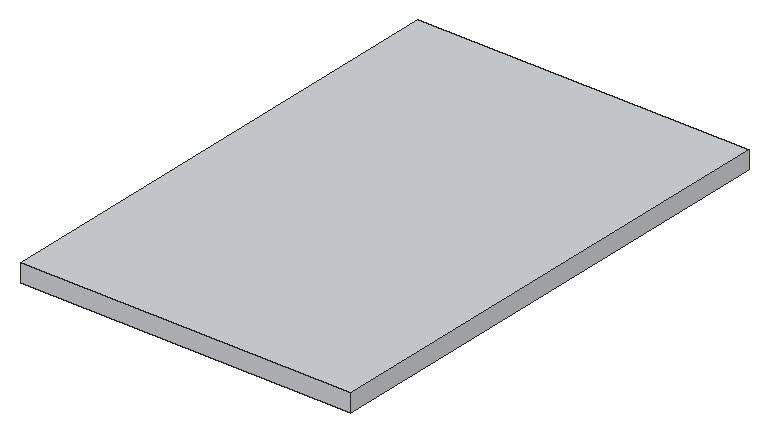
Revit family "RUFO2 460xWSxZ0350xx", category Leuchten, Revit 2020
Family settings
  Basisbauteil = Fläche
  Bemaßung runder Anschluss = Durchmesser verwenden
  Teiletyp = Normal
  OmniClass-Nummer = 23.80.70.11
  OmniClass-Titel = Luminaries for Internal Lighting
  Beim Laden mit Abzugskörper schneiden = Nein
  Lichtquelle = Ja
  Gemeinsam genutzt = Nein
  Raumberechnungspunkt = Nein
Parameters (values of type "RUFO2 460NDWS840Z0350-RS")
  width = 464 mm  # constant formula
  weight = "2.05 kg"
  voltage type (AC, DC, UC) = "AC"
  rated input power = 30  # constant formula
  product name = "RUFO2 460NDWS840Z0350-RS"
  nominal voltage = "230"
  nominal frequency = "50-60Hz"
  length = 464 mm  # constant formula
  ingress protection (IP) code = "IP40"
  height = 70 mm  # constant formula
  electrical safety class = "1"
  control gear = ""
  conformity mark = "CE"  # constant formula
  brand = "RIDI"
  approval mark = ""
  built-in parameter 1150104 = 13.8 (stored number, unit not read)
  Wattage = 25.2454 W
  Von Kreisdurchmesser aussenden = 464 mm
  Default Elevation = 0 mm
  built-in parameter 1150113 = 1 (stored number, unit not read)
  built-in parameter 1114218 = 1 (stored number, unit not read)
  URL = "www.ridi.de"
  built-in parameter 1150134 = 12
  built-in parameter 1150109 = 1 (stored number, unit not read)
  built-in parameter 1150110 = 1 (stored number, unit not read)
  Apparent Load = 30 VA  # constant formula
  Tilt Angle = 90.00°
  Modell = "0420869//396"
  built-in parameter 1114217 = 1 (stored number, unit not read)
  built-in parameter 1150139 = (empty or 0)
  built-in parameter 1150105 = 1060.3 (stored number, unit not read)
  built-in parameter 1150114 = 1 (stored number, unit not read)
  Lumens = 3750 lm
  built-in parameter 1150115 = 1 (stored number, unit not read)
  built-in parameter 1150112 = 1 (stored number, unit not read)
  Lampe = "LED"
  Hersteller = "RIDI Leuchten GmbH"  # constant formula
  Dimming Lamp Color Temperature Shift = (empty or 0)
  Color Filter = 16777215
  built-in parameter 1150133 = 10 (stored number, unit not read)
  Emit Shape Visible in Rendering = no
  built-in parameter 1150137 = (empty or 0)
  built-in parameter 1150132 = 2
  Datei für fotometrisches Netz = "RUFO2_460_Z.IES"
  Copyright = "© RIDI. All rights reserved."  # constant formula
  built-in parameter 1150106 = 10.603 (stored number, unit not read)
  Baugruppenkennzeichen = "D5020200"
  built-in parameter 1150107 = 4000 (stored number, unit not read)
  built-in parameter 1150102 = (empty or 0)
  built-in parameter 1150138 = (empty or 0)
Types (19, lengths in mm): name | weight | product name | Wattage | built-in parameter 1150134 | Modell | built-in parameter 1150105 | Lumens | built-in parameter 1150106 | built-in parameter 1150107
  (no name) | "2.05 kg" | "RUFO2 460NDWS840Z0350-RS" | 25.2454 W | 12 | "0420869//396" | 1060.3 (stored number, unit not read) | 3750 lm | 10.603 (stored number, unit not read) | 4000 (stored number, unit not read)
  RUFO2 460NDWS840Z0350 | "2 kg" | "RUFO2 460NDWS840Z0350" | 25.2454 W | 12 | "0420869" | 1060.3 (stored number, unit not read) | 3750 lm | 10.603 (stored number, unit not read) | 4000 (stored number, unit not read)
  RUFO2 460NDWS840Z0350-RS | "2.05 kg" | "RUFO2 460NDWS840Z0350-RS" | 25.2454 W | 12 | "0420869//396" | 1060.3 (stored number, unit not read) | 3750 lm | 10.603 (stored number, unit not read) | 4000 (stored number, unit not read)
  RUFO2 460NDWS840Z0350-2K | "2.15 kg" | "RUFO2 460NDWS840Z0350-2K" | 25.2454 W | 12 | "0420870" | 1060.3 (stored number, unit not read) | 3750 lm | 10.603 (stored number, unit not read) | 4000 (stored number, unit not read)
  RUFO2 460NDWS830Z0350 | "2 kg" | "RUFO2 460NDWS830Z0350" | 24.2356 W | (empty or 0) | "0420875" | 1017.9 (stored number, unit not read) | 3600 lm | 10.179 (stored number, unit not read) | 3000 (stored number, unit not read)
  RUFO2 460NDWS830Z0350-RS | "2.05 kg" | "RUFO2 460NDWS830Z0350-RS" | 24.2356 W | (empty or 0) | "0420875//396" | 1017.9 (stored number, unit not read) | 3600 lm | 10.179 (stored number, unit not read) | 3000 (stored number, unit not read)
  RUFO2 460NDWS830Z0350-2K | "2.15 kg" | "RUFO2 460NDWS830Z0350-2K" | 24.2356 W | (empty or 0) | "0420876" | 1017.9 (stored number, unit not read) | 3600 lm | 10.179 (stored number, unit not read) | 3000 (stored number, unit not read)
  RUFO2 460NDWS840Z0350-IK | "2 kg" | "RUFO2 460NDWS840Z0350-IK" | 25.2454 W | 12 | "0420881" | 1060.3 (stored number, unit not read) | 3750 lm | 10.603 (stored number, unit not read) | 4000 (stored number, unit not read)
  RUFO2 460NDWS840Z0350-IK-EDS3 | "2.5 kg" | "RUFO2 460NDWS840Z0350-IK-EDS3" | 25.2454 W | 12 | "0420881//377" | 1060.3 (stored number, unit not read) | 3750 lm | 10.603 (stored number, unit not read) | 4000 (stored number, unit not read)
  RUFO2 460NDWS840Z0350-IK-RS | "2.05 kg" | "RUFO2 460NDWS840Z0350-IK-RS" | 25.2454 W | 12 | "0420881//396" | 1060.3 (stored number, unit not read) | 3750 lm | 10.603 (stored number, unit not read) | 4000 (stored number, unit not read)
  RUFO2 460NDWS840Z0350-IK-2K | "2.15 kg" | "RUFO2 460NDWS840Z0350-IK-2K" | 25.2454 W | 12 | "0420882" | 1060.3 (stored number, unit not read) | 3750 lm | 10.603 (stored number, unit not read) | 4000 (stored number, unit not read)
  RUFO2 460NDWS830Z0350-IK | "2 kg" | "RUFO2 460NDWS830Z0350-IK" | 24.2356 W | (empty or 0) | "0420887" | 1017.9 (stored number, unit not read) | 3600 lm | 10.179 (stored number, unit not read) | 3000 (stored number, unit not read)
  RUFO2 460NDWS830Z0350-IK-EDS3 | "2.5 kg" | "RUFO2 460NDWS830Z0350-IK-EDS3" | 24.2356 W | (empty or 0) | "0420887//377" | 1017.9 (stored number, unit not read) | 3600 lm | 10.179 (stored number, unit not read) | 3000 (stored number, unit not read)
  RUFO2 460NDWS830Z0350-IK-RS | "2.05 kg" | "RUFO2 460NDWS830Z0350-IK-RS" | 24.2356 W | (empty or 0) | "0420887//396" | 1017.9 (stored number, unit not read) | 3600 lm | 10.179 (stored number, unit not read) | 3000 (stored number, unit not read)
  RUFO2 460NDWS830Z0350-IK-2K | "2.15 kg" | "RUFO2 460NDWS830Z0350-IK-2K" | 24.2356 W | (empty or 0) | "0420888" | 1017.9 (stored number, unit not read) | 3600 lm | 10.179 (stored number, unit not read) | 3000 (stored number, unit not read)
  RUFO2 460DAWS840Z0350 | "2.05 kg" | "RUFO2 460DAWS840Z0350" | 25.2454 W | 12 | "0430869" | 1060.3 (stored number, unit not read) | 3750 lm | 10.603 (stored number, unit not read) | 4000 (stored number, unit not read)
  RUFO2 460DAWS830Z0350 | "2.05 kg" | "RUFO2 460DAWS830Z0350" | 24.2356 W | (empty or 0) | "0430875" | 1017.9 (stored number, unit not read) | 3600 lm | 10.179 (stored number, unit not read) | 3000 (stored number, unit not read)
  RUFO2 460DAWS840Z0350-IK | "2.05 kg" | "RUFO2 460DAWS840Z0350-IK" | 25.2454 W | 12 | "0430881" | 1060.3 (stored number, unit not read) | 3750 lm | 10.603 (stored number, unit not read) | 4000 (stored number, unit not read)
  RUFO2 460DAWS830Z0350-IK | "2.05 kg" | "RUFO2 460DAWS830Z0350-IK" | 24.2356 W | (empty or 0) | "0430887" | 1017.9 (stored number, unit not read) | 3600 lm | 10.179 (stored number, unit not read) | 3000 (stored number, unit not read)
Reference planes
  plane 1 "Mitte (Vorne/hinten)": y = 0
  plane 2: z = 0
  plane 3 "Mitte (Links/rechts)": x = 0
Forms (mm)
  Extrusion 1, solid
    sketch origin (219.2, 280.8, 0) x (1, 0, 0) y (0, 1, 0)
      loop
        line (-1219.2, 1219.2) -> (-1219.2, -1780.8) -> (780.8, -1780.8) -> (780.8, 1219.2) -> (-1219.2, 1219.2)
    from 0 to -107.307
Dimensions and locks
  aligned and locked: plane 2 to Extrusion 1
  aligned and locked: imposter light to plane 3 "Mitte (Links/rechts)"
  aligned and locked: imposter light to import instance
  aligned and locked: Extrusion 1 to import instance
Connectors
  electrical at (0, 104, 5), driven by "Apparent Load"
    settings: on import instance, index 1, voltage 230 V, apparent load 0 VA, apparent load phase1 30 VA, apparent load phase2 0 VA, apparent load phase3 0 VA, power factor 1, load classification "Lighting", number of poles 1, system type 31, power factor state 1, is connector primary yes, connector utility no, sub classification motor no, connector description ""
